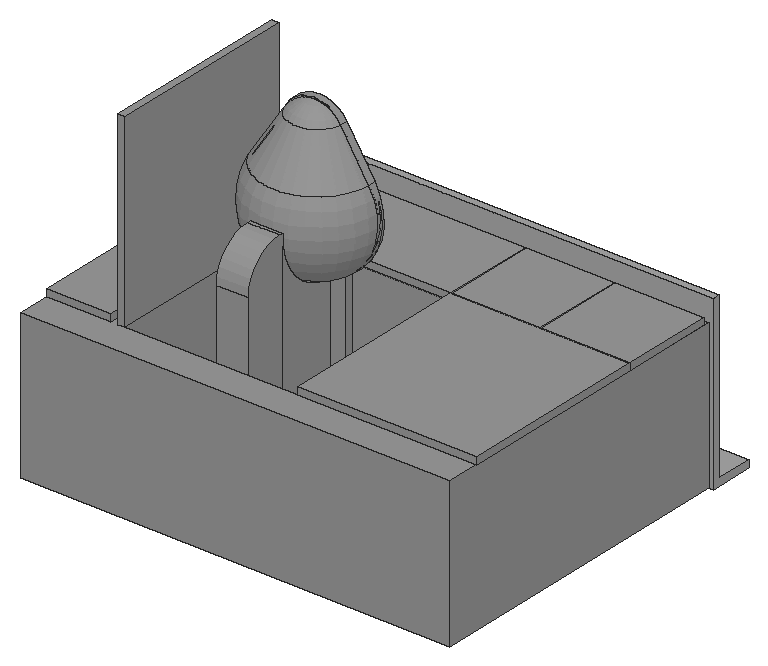
Revit family "Modular_Patient_Care_Unit-Willoughby-Patient_Care_Unit-WH-1700-L-SWO", category Plumbing Fixtures, Revit 2015
Parameters (values of type "Left-Wall Outlet")
  Waste RAD [instance] = Waste DIA / 2  # 1 1/4"
  Waste DIA [instance] = 2 1/2"
  Waste Connection = yes
  Vent Connection = no
  URL = "https://www.willoughby-ind.com/wp-content/uploads/2018/01/WH-1700.pdf"
  Type Comments = ""
  Stainless Steel = Stainless Steel AISI 304-Willoughby
  Solid Polymer Finish = Polyethylene, High Density
  Revision = "A"
  Model = "WH-1700-L-SWO"
  Manufacturer = "Willoughby Industries"
  Lav Inlets RAD [instance] = Lav Inlets DIA / 2  # 1/4"
  Lav Inlets DIA [instance] = 1/2"
  Lav Drain DIA [instance] = 1"
  Lav DR-RAD [instance] = Lav Drain DIA / 2  # 1/2"
  HW Connection = yes
  Flush inlet RAD [instance] = Flush inlet DIA / 2  # 1/2"
  Flush inlet DIA [instance] = 1"
  Flush Inlet Connection = yes
  Dialysis Drain DIA [instance] = 1 1/2"
  Dialysis Box Inlets DIA [instance] = 1/2"
  Description = "Left Wall Outlet Patient Care Unit"
  Default Elevation = 0' - 0"
  DB-RAD [instance] = Dialysis Box Inlets DIA / 2  # 1/4"
  D-Drain RAD [instance] = Dialysis Drain DIA / 2  # 3/4"
  Contact Number = "(800) 428-4065"
  CW Connection = yes
  Bed Pan Inlet RAD [instance] = Bed Pan Inlet DIA / 2  # 1/4"
  Bed Pan Inlet DIA [instance] = 1/2"
  Aquasurf Solid Surface = Solid Surface Acrylic Resin-Willoughby
Reference planes (in)
  plane 1 "Base": y = -16.25
  plane 2: z = 0
  plane 3 "Center": x = 18.31072
  plane 4: y = 23.75
  plane 5: z = 36.625
  plane 6: y = 0.75
  plane 7 "Waste": y = -11
  plane 8 "D-HGT": y = 17.5
  plane 9 "Flush Inlet": y = 10.25
  plane 10 "D-Drain HT": y = 4.875
  plane 11 "Bed Pan Inlet": y = 13.25
  plane 12: y = 9.25
  plane 13: y = 7
  plane 14: x = 24.49822
  plane 15: x = 20.49822
  plane 16: x = 14.74822
  plane 17: x = 42.68572
  plane 18: x = 39.81072
  plane 19: x = 36.31072
  plane 20: x = -1.18928
  plane 21: x = 46.56072
  plane 22 "Center Line": x = 23.56072
  plane 23: x = 27.06072
  plane 24: x = 4.81072
Forms (in)
  Extrusion 1, solid, material "Stainless Steel AISI 304-Willoughby" <- "Stainless Steel"
    sketch origin (16.08109, 9.45936, 3.7328) x (-1, 0, 0) y (0, 0, -1)
      loop
        line (1.29775, -16.80087) -> (1.29775, 0.9078) -> (-5.72963, 0.9078) -> (-5.72963, -16.81676)
        arc (-5.72963, -16.81676) -> (-8.98136, -21.11843) -> (-8.21015, -26.45542) r 7
        line (-8.21015, -26.45542) -> (-5.16818, -31.31054)
        arc (-5.16818, -31.31054) -> (-2.20225, -32.95225) -> (0.76368, -31.31054) r 3.5
        line (0.76368, -31.31054) -> (3.80565, -26.45542)
        arc (3.80565, -26.45542) -> (4.5729, -21.10311) -> (1.29775, -16.80087) r 7
      loop
        arc (2.03989, -24.70557) -> (-2.20225, -18.23804) -> (-6.44438, -24.70557) r 4.625
        line (-6.44438, -24.70557) -> (-4.04125, -30.23842)
        arc (-4.04125, -30.23842) -> (-2.20225, -31.45225) -> (-0.36324, -30.23842) r 2
        line (-0.36324, -30.23842) -> (2.03989, -24.70557)
    from 8.72968 to 9.5
  Revolve 2, solid, material "Stainless Steel AISI 304-Willoughby" <- "Stainless Steel"
    sketch origin (19.37246, 0.45936, 6.93674) x (-1, 0, 0) y (0, 0, -1)
      loop
        line (1.06174, -12.59906) -> (1.06174, -12.84906)
        arc (1.06174, -12.84906) -> (6.96784, -16.33096) -> (6.78077, -23.18447) r 6.75
        line (6.78077, -23.18447) -> (3.81535, -27.91457)
        arc (3.81535, -27.91457) -> (2.63527, -29.03194) -> (1.06174, -29.43826) r 3.25
        line (1.06174, -29.43826) -> (1.06174, -29.68826)
        arc (1.06174, -29.68826) -> (2.75672, -29.25045) -> (4.02767, -28.04656) r 3.5
        line (4.02767, -28.04656) -> (7.06964, -23.19143)
        arc (7.06964, -23.19143) -> (7.15052, -16.14555) -> (1.06174, -12.59906) r 7
      axis (1.06174, -12.59906) -> (1.06174, -29.68826)
    angle from 0 to -180
  Extrusion 3, solid, material "Stainless Steel AISI 304-Willoughby" <- "Stainless Steel"
    sketch origin (19.53334, -1.02032, 5.9242) x (0, 1, 0) y (0, 0, 1)
      loop
        line (-5.48285, -3.0992) -> (0.97968, -3.0992) -> (0.97968, 13.76202)
        arc (0.97968, 13.76202) -> (-3.33475, 15.6078) -> (-5.48285, 19.77995) r 6.92744
        line (-5.48285, 19.77995) -> (-5.48285, -3.0992)
    from 0.52738 to -2.97262
  Extrusion 4, solid, material "Stainless Steel AISI 304-Willoughby" <- "Stainless Steel"
    sketch origin (17.03334, 29.33792, 6.56919) x (0, 1, 0) y (0, 0, 1)
      loop
        line (-35.84109, -3.74419) -> (-35.84109, 20.30581) -> (-36.18717, 20.30581)
        arc (-36.18717, 20.30581) -> (-39.21058, 19.05347) -> (-40.46292, 16.03006) r 4.27575
        line (-40.46292, 16.03006) -> (-40.46292, -3.74419) -> (-35.84109, -3.74419)
    from -0.47262 to 3.02738
  Extrusion 5, solid, material "Solid Surface Acrylic Resin-Willoughby" <- "Aquasurf Solid Surface"
    sketch origin (36.62144, -16.25, 0) x (-1, 0, 0) y (0, 0, -1)
      loop
        line (37.81072, -0.825) -> (37.81072, 0) -> (-9.93928, 0) -> (-9.93928, -0.825) -> (37.81072, -0.825)
    from -40 to -35.25
  Extrusion 6, solid, material "Solid Surface Acrylic Resin-Willoughby" <- "Aquasurf Solid Surface"
    sketch origin (0, -16.25, 0) x (1, 0, 0) y (0, 0, 1)
      loop
        line (-1.18928, 0) -> (46.56072, 0) -> (46.56072, 18.625) -> (-1.18928, 18.625) -> (-1.18928, 0)
    from -36 to -35.25
  Extrusion 7, solid, material "Stainless Steel AISI 304-Willoughby" <- "Stainless Steel"
    sketch origin (36.62144, -16.25, 0) x (-1, 0, 0) y (0, 0, -1)
      loop
        line (37.31072, 0) -> (-9.43928, 0) -> (-9.43928, -16.125) -> (37.31072, -16.125) -> (37.31072, 0)
    from -35.25 to 0
  Extrusion 8, void, detail levels fine
    sketch origin (36.62144, -16.25, 0) x (-1, 0, 0) y (0, 0, -1)
      loop
        line (29.56072, -16.125) -> (29.56072, -2.825) -> (-7.43928, -2.825) -> (-7.43928, -16.125) -> (29.56072, -16.125)
    from -3.625 to -24.5
  Extrusion 9, solid, material "Polyethylene, High Density" <- "Solid Polymer Finish"
    sketch origin (36.62144, -16.25, 0) x (-1, 0, 0) y (0, 0, -1)
      loop
        line (9.99822, -16.125) -> (-9.43928, -16.125) -> (-9.43928, -16.875) -> (9.99822, -16.875) -> (9.99822, -16.125)
    from -3.625 to -24.5
  Extrusion 10, solid, material "Polyethylene, High Density" <- "Solid Polymer Finish"
    sketch origin (36.62144, 4.625, 0) x (-1, 0, 0) y (0, 0, -1)
      loop
        line (0.31072, -16.125) -> (-9.43928, -16.125) -> (-9.43928, -16.875) -> (0.31072, -16.875) -> (0.31072, -16.125)
    from -3.625 to -13.75
  Extrusion 11, solid, material "Polyethylene, High Density" <- "Solid Polymer Finish"
    sketch origin (9.71531, 4.625, 0) x (-1, 0, 0) y (0, 0, -1)
      loop
        line (3.4046, -16.125) -> (-16.9079, -16.125) -> (-16.9079, -16.875) -> (3.4046, -16.875) -> (3.4046, -16.125)
    from -3.625 to -13.75
  Extrusion 12, solid, material "Polyethylene, High Density" <- "Solid Polymer Finish"
    sketch origin (23.43419, 4.625, 0) x (-1, 0, 0) y (0, 0, -1)
      loop
        line (-3.18903, -16.125) -> (-12.87653, -16.125) -> (-12.87653, -16.875) -> (-3.18903, -16.875) -> (-3.18903, -16.125)
    from -3.625 to -13.75
  Extrusion 13, solid, material "Polyethylene, High Density" <- "Solid Polymer Finish"
    sketch origin (23.93572, -16.25, 26.12322) x (0, 0, -1) y (1, 0, 0)
      loop
        line (9.99822, -16.125) -> (-10.50178, -16.125) -> (-10.50178, -16.875) -> (9.99822, -16.875) -> (9.99822, -16.125)
    from -3.625 to -24.5
  Extrusion 14, void, detail levels fine
    sketch origin (34.18394, 19.75, 0.4565) x (-1, 0, 0) y (0, 0, -1)
      loop
        arc (5.56072, -14.67585) -> (6.97493, -14.09007) -> (7.56072, -12.67585) r 2
        line (7.56072, -12.67585) -> (7.56072, -5.30085)
        arc (7.56072, -5.30085) -> (6.97493, -3.88664) -> (5.56072, -3.30085) r 2
        line (5.56072, -3.30085) -> (-4.68928, -3.30085)
        arc (-4.68928, -3.30085) -> (-6.10349, -3.88664) -> (-6.68928, -5.30085) r 2
        line (-6.68928, -5.30085) -> (-6.68928, -12.67585)
        arc (-6.68928, -12.67585) -> (-6.10349, -14.09007) -> (-4.68928, -14.67585) r 2
        line (-4.68928, -14.67585) -> (5.56072, -14.67585)
    from 0 to 8
  Extrusion 15, solid, material "Stainless Steel AISI 304-Willoughby" <- "Stainless Steel"
    sketch origin (36.62144, 0, 0) x (-1, 0, 0) y (0, -1, 0)
      loop
        circle (18.31072, 11) r 1.25
    from 0 to 2.825
  Extrusion 16, solid, material "Stainless Steel AISI 304-Willoughby" <- "Stainless Steel"
    sketch origin (38.20446, 1.46689, 0) x (-1, 0, 0) y (0, -1, 0)
      loop
        circle (13.70624, -16.03311) r 0.25
    from 0 to 0.486
  Extrusion 17, solid, material "Stainless Steel AISI 304-Willoughby" <- "Stainless Steel"
    sketch origin (33.77303, 1.29431, 0) x (-1, 0, 0) y (0, -1, 0)
      loop
        circle (13.27481, -16.20569) r 0.25
    from 0 to 0.486
  Extrusion 18, solid, material "Stainless Steel AISI 304-Willoughby" <- "Stainless Steel"
    sketch origin (37.05894, 0, 0) x (-1, 0, 0) y (0, -1, 0)
      loop
        circle (9.99822, -10.25) r 0.5
    from 0 to 1
  Extrusion 19, solid, material "Stainless Steel AISI 304-Willoughby" <- "Stainless Steel"
    sketch origin (36.99644, 0, 0) x (-1, 0, 0) y (0, -1, 0)
      loop
        circle (22.24822, -4.875) r 0.75
    from 0 to 1
  Extrusion 20, solid, material "Stainless Steel AISI 304-Willoughby" <- "Stainless Steel"
    sketch origin (36.99644, 0, 0) x (-1, 0, 0) y (0, -1, 0)
      loop
        circle (-5.68928, -9.25) r 0.25
    from 0 to 1
  Extrusion 21, solid, material "Stainless Steel AISI 304-Willoughby" <- "Stainless Steel"
    sketch origin (36.99644, 0, 0) x (-1, 0, 0) y (0, -1, 0)
      loop
        circle (-2.81428, -9.25) r 0.25
    from 0 to 1
  Extrusion 22, solid, material "Stainless Steel AISI 304-Willoughby" <- "Stainless Steel"
    sketch origin (36.99644, 0, 0) x (-1, 0, 0) y (0, -1, 0)
      loop
        circle (0.68572, -7) r 0.5
    from 0 to 1
  Extrusion 23, solid, material "Polyethylene, High Density" <- "Solid Polymer Finish"
    sketch origin (10.15956, -16.25, 0.35333) x (-1, 0, 0) y (0, 0, -1)
      loop
        line (10.84884, -15.77167) -> (3.84884, -15.77167) -> (3.84884, -16.52167) -> (10.84884, -16.52167) -> (10.84884, -15.77167)
    from -3.625 to -34.625
  Extrusion 24, solid, material "Stainless Steel AISI 304-Willoughby" <- "Stainless Steel"
    sketch origin (27.05894, 8.375, 0) x (-1, 0, 0) y (0, -1, 0)
      loop
        circle (22.24822, -4.875) r 0.25
    from 0 to 1
Cuts and joins
  Extrusion 8 cuts Extrusion 9
  Extrusion 8 cuts Extrusion 10
  Extrusion 8 cuts Extrusion 11
  Extrusion 8 cuts Extrusion 12
  Extrusion 8 cuts Extrusion 13
  Extrusion 8 cuts Extrusion 15
  Extrusion 14 cuts Extrusion 6
  joined: Extrusion 5, Extrusion 6
  Extrusion 8, Extrusion 14 cuts Extrusion 7
Lines and regions (in)
  symbolic lines
    curve 1: line (46.06072, 19, 0) -> (46.06072, -16.25, 0)
    curve 2: line (46.06072, -16.25, 0) -> (-0.68928, -16.25, 0)
    curve 3: line (-0.68928, -16.25, 0) -> (-0.68928, 19, 0)
    curve 4: line (-1.18928, 19, 0) -> (46.56072, 19, 0)
    curve 5: line (46.56072, 19, 0) -> (46.56072, 23.75, 0)
    curve 6: line (46.56072, 23.75, 0) -> (-1.18928, 23.75, 0)
    curve 7: line (-1.18928, 23.75, 0) -> (-1.18928, 19, 0)
    curve 8: line (-1.18928, 19.75, 0) -> (46.56072, 19.75, 0)
    curve 9: line (-0.68928, 18.375, 0) -> (46.06072, 18.375, 0)
    curve 14: line (46.06072, -12.625, 0) -> (7.06072, -12.625, 0)
    curve 20: line (11.28334, 0.72968, 0) -> (25.28334, 0.72968, 0)
    curve 21: line (25.28334, 0.72968, 0) -> (25.28334, -0.04064, 0)
    curve 22: line (11.28334, 0.72968, 0) -> (11.28334, -0.04064, 0)
    curve 23: line (11.28334, -0.04064, 0) -> (25.28334, -0.04064, 0)
    curve 24: line (11.28334, 0.45936, 0) -> (25.28334, 0.45936, 0)
    curve 25: arc (11.28334, -0.04064, 0) -> (13.52203, -4.65834, 0) -> (18.31072, -6.50317, 0) r 6.99071
    curve 26: arc (18.31072, -6.50317, 0) -> (23.08332, -4.65973, 0) -> (25.28334, -0.04064, 0) r 6.91665
    curve 27: line (16.56072, -6.29521, 0) -> (16.56072, -11.125, 0)
    curve 28: line (16.56072, -11.125, 0) -> (20.06072, -11.125, 0)
    curve 29: line (20.06072, -11.125, 0) -> (20.06072, -6.29662, 0)
    curve 30: line (-1.18928, -16.25, 0) -> (46.56072, -16.25, 0)
    curve 31: line (46.56072, -16.25, 0) -> (46.56072, -16.25, 18.625)
    curve 32: line (46.56072, -16.25, 18.625) -> (-1.18928, -16.25, 18.625)
    curve 33: line (-1.18928, -16.25, 18.625) -> (-1.18928, -16.25, 0)
    curve 34: line (-1.18928, -16.25, 0.825) -> (46.56072, -16.25, 0.825)
    curve 60: line (18.31072, -16.25, 0) -> (18.31072, 19, 0)
    curve 61: line (18.31072, 19, 0) -> (18.31072, 19, 16.125)
    curve 62: line (18.31072, 19, 16.125) -> (18.31072, -16.25, 16.125)
    curve 63: line (18.31072, -16.25, 16.125) -> (18.31072, -16.25, 0)
  symbolic lines, detail levels medium+fine
    curve 10: line (-0.68928, -12.625, 0) -> (6.31072, -12.625, 0)
    curve 11: line (6.31072, -12.625, 0) -> (6.31072, 18.375, 0)
    curve 12: line (6.31072, 8.25, 0) -> (46.06072, 8.25, 0)
    curve 13: line (44.06072, 8.25, 0) -> (44.06072, -12.625, 0)
    curve 15: line (7.06072, -12.625, 0) -> (7.06072, 8.25, 0)
    curve 16: line (7.81072, 8.25, 0) -> (7.81072, -12.625, 0)
    curve 17: line (26.62322, 8.25, 0) -> (26.62322, -12.625, 0)
    curve 18: line (36.31072, 8.25, 0) -> (36.31072, 18.375, 0)
    curve 19: line (26.62322, 8.25, 0) -> (26.62322, 18.375, 0)
    curve 35: line (7.81072, -16.25, 36.625) -> (7.81072, -16.25, 18.625)
    curve 36: line (7.81072, -16.25, 36.625) -> (7.06072, -16.25, 36.625)
    curve 37: line (7.06072, -16.25, 36.625) -> (7.06072, -16.25, 18.625)
    curve 38: line (14.78334, -16.25, 18.625) -> (14.78334, -16.25, 20.53367)
    curve 39: line (21.81072, -16.25, 18.625) -> (21.81072, -16.25, 20.54956)
    curve 40: arc (21.81072, -16.25, 20.54956) -> (25.08834, -16.25, 24.84457) -> (24.29124, -16.25, 30.18822) r 6.93761
    curve 41: line (24.29124, -16.25, 30.18822) -> (21.24927, -16.25, 35.04335)
    curve 42: arc (21.24927, -16.25, 35.04335) -> (19.98923, -16.25, 36.22292) -> (18.31072, -16.25, 36.625) r 3.37397
    curve 43: arc (18.31072, -16.25, 36.625) -> (16.62783, -16.25, 36.18663) -> (15.31741, -16.25, 35.04335) r 3.79331
    curve 44: line (15.31741, -16.25, 35.04335) -> (12.35249, -16.25, 30.31405)
    curve 45: arc (12.35249, -16.25, 30.31405) -> (11.49002, -16.25, 24.90741) -> (14.78334, -16.25, 20.53367) r 7
    curve 46: arc (14.78334, -16.25, 20.53367) -> (18.28334, -16.25, 19.45342) -> (21.78334, -16.25, 20.53367) r 6.21011
    curve 64: line (18.31072, 18.375, 16.125) -> (18.31072, 18.375, 16.875)
    curve 65: line (18.31072, 18.375, 16.875) -> (18.31072, -12.625, 16.875)
    curve 66: line (18.31072, -12.625, 16.875) -> (18.31072, -12.625, 16.125)
    curve 70: line (18.31072, 19, 0) -> (18.31072, 23.75, 0)
    curve 71: line (18.31072, 23.75, 0) -> (18.31072, 23.75, 0.825)
    curve 72: line (18.31072, 23.75, 0.825) -> (18.31072, 19.75, 0.825)
    curve 73: line (18.31072, 19.75, 0.825) -> (18.31072, 19.75, 18.625)
    curve 74: line (18.31072, 19.75, 18.625) -> (18.31072, 19, 18.625)
    curve 75: line (18.31072, 19, 18.625) -> (18.31072, 19, 16.125)
  symbolic lines, detail levels fine
    curve 47: arc (20.11778, -16.25, 33.98181) -> (19.38026, -16.25, 34.8574) -> (18.28334, -16.25, 35.18505) r 2
    curve 48: arc (18.28334, -16.25, 35.18505) -> (17.1816, -16.25, 34.85423) -> (16.44433, -16.25, 33.97122) r 2
    curve 49: line (16.44433, -16.25, 33.97122) -> (14.0412, -16.25, 28.43837)
    curve 50: arc (14.0412, -16.25, 28.43837) -> (18.28332, -16.25, 21.97085) -> (22.52548, -16.25, 28.43835) r 4.625
    curve 51: line (22.52548, -16.25, 28.43835) -> (20.11778, -16.25, 33.98181)
    curve 52: line (38.87322, -16.25, 15.13236) -> (28.62322, -16.25, 15.13236)
    curve 53: line (26.62322, -16.25, 13.13236) -> (26.62322, -16.25, 5.75736)
    curve 54: line (28.62322, -16.25, 3.75736) -> (38.87322, -16.25, 3.75736)
    curve 55: line (40.87322, -16.25, 5.75736) -> (40.87322, -16.25, 13.13236)
    curve 56: arc (40.87322, -16.25, 13.13236) -> (40.28743, -16.25, 14.54657) -> (38.87322, -16.25, 15.13236) r 2
    curve 57: arc (28.62322, -16.25, 15.13236) -> (27.20901, -16.25, 14.54657) -> (26.62322, -16.25, 13.13236) r 2
    curve 58: arc (26.62322, -16.25, 5.75736) -> (27.20901, -16.25, 4.34314) -> (28.62322, -16.25, 3.75736) r 2
    curve 59: arc (38.87322, -16.25, 3.75736) -> (40.28743, -16.25, 4.34314) -> (40.87322, -16.25, 5.75736) r 2
    curve 67: line (18.31072, 8.25, 16.875) -> (18.31072, 8.25, 36.625)
    curve 68: line (18.31072, 8.25, 36.625) -> (18.31072, -12.625, 36.625)
    curve 69: line (18.31072, -12.625, 36.625) -> (18.31072, -12.625, 16.875)
Dimensions and locks (in)
  locked: plane 1 "Base" to plane 7 "Waste" at 5.25
  locked: plane 1 "Base" to plane 9 "Flush Inlet" at 26.5
  locked: plane 1 "Base" to plane 10 "D-Drain HT" at 21.125
  locked: plane 1 "Base" to plane 12 at 25.5
  locked: plane 1 "Base" to plane 13 at 23.25
  locked: level to cut or joined group of Extrusion 5, Extrusion 6, Extrusion 14 at 18.625
  locked: plane 4 to plane 1 "Base" at 40
  locked: plane 20 to plane 21 at 47.75
  locked: plane 22 "Center Line" to plane 19 at 12.75
  locked: plane 1 "Base" to plane 8 "D-HGT" at 33.75
  locked: plane 24 to plane 22 "Center Line" at 18.75
  locked: plane 1 "Base" to plane 11 "Bed Pan Inlet" at 29.5
  locked: plane 16 to plane 22 "Center Line" at 8.8125
  locked: plane 15 to plane 22 "Center Line" at 3.0625
  locked: plane 22 "Center Line" to plane 14 at 0.9375
  locked: plane 22 "Center Line" to plane 23 at 3.5
  locked: plane 3 "Center" to plane 22 "Center Line" at 5.25
  locked: plane 22 "Center Line" to plane 18 at 16.25
  locked: plane 22 "Center Line" to plane 17 at 19.125
  locked: plane 20 to plane 22 "Center Line" at 24.75
  locked: plane 22 "Center Line" to plane 21 at 23
  locked: plane 1 "Base" to plane 4 at 40
  locked: level to cut or joined group of Extrusion 7, Extrusion 8, Extrusion 14 at 16.125
  cut or joined group of Extrusion 7, Extrusion 8, Extrusion 14 to plane 22 "Center Line" to cut or joined group of Extrusion 7, Extrusion 8, Extrusion 14 = 2' - 0 1/4" locked, 1' - 10 1/2" locked
  locked: plane 22 "Center Line" to plane 20 at 24.75
  locked: cut or joined group of Extrusion 7, Extrusion 8, Extrusion 14 to cut or joined group of Extrusion 7, Extrusion 8, Extrusion 14 at 37
  locked: cut or joined group of Extrusion 5, Extrusion 6, Extrusion 14 to cut or joined group of Extrusion 7, Extrusion 8, Extrusion 14 at 2.5
  locked: cut or joined group of Extrusion 7, Extrusion 8, Extrusion 14 to cut or joined group of Extrusion 7, Extrusion 8, Extrusion 14 at 13.3
  locked: cut or joined group of Extrusion 7, Extrusion 8, Extrusion 14 to cut or joined group of Extrusion 7, Extrusion 8, Extrusion 14 at 2
  locked: cut or joined group of Extrusion 5, Extrusion 6, Extrusion 14 to cut or joined group of Extrusion 5, Extrusion 6, Extrusion 14 at 11.375
  locked: cut or joined group of Extrusion 5, Extrusion 6, Extrusion 14 to cut or joined group of Extrusion 5, Extrusion 6, Extrusion 14 at 14.25
  locked: cut or joined group of Extrusion 7, Extrusion 8, Extrusion 14 to cut or joined group of Extrusion 5, Extrusion 6, Extrusion 14 at 5.1875
  locked: cut or joined group of Extrusion 5, Extrusion 6, Extrusion 14 to cut or joined group of Extrusion 5, Extrusion 6, Extrusion 14 at 3.49264
  locked: cut or joined group of Extrusion 8, Extrusion 13 to cut or joined group of Extrusion 8, Extrusion 13 at 0.75
  Extrusion 1 sketch curve to Extrusion 1 sketch curve = 0' - 7.02738"
  Extrusion 1 sketch curve to Extrusion 1 sketch curve = 0' - 6.5892"
  locked: level to Extrusion 1 sketch curve at 26.59585
  locked: Extrusion 1 sketch curve to Extrusion 1 sketch curve at 6.5892
  locked: Extrusion 3 to Extrusion 4 sketch curve at 4.62183
  locked: Extrusion 1 to Extrusion 4 at 6.46253
  locked: Extrusion 3 sketch curve to level at 25.70414
  locked: cut or joined group of Extrusion 7, Extrusion 8, Extrusion 14 to cut or joined group of Extrusion 8, Extrusion 12 at 0.75
  locked: cut or joined group of Extrusion 8, Extrusion 12 to cut or joined group of Extrusion 8, Extrusion 12 at 9.6875
  locked: Extrusion 23 sketch curve to cut or joined group of Extrusion 7, Extrusion 8, Extrusion 14 at 0.75
  locked: Extrusion 23 sketch curve to Extrusion 23 sketch curve at 7
  locked: Extrusion 11 sketch curve to Extrusion 11 sketch curve at 0.75
  locked: Extrusion 10 sketch curve to Extrusion 10 sketch curve at 0.75
  locked: Extrusion 10 sketch curve to Extrusion 10 sketch curve at 9.75
  locked: cut or joined group of Extrusion 5, Extrusion 6, Extrusion 14 to plane 22 "Center Line" at 23
  locked: cut or joined group of Extrusion 5, Extrusion 6, Extrusion 14 to plane 22 "Center Line" at 24.75  (x2)
  locked: cut or joined group of Extrusion 5, Extrusion 6, Extrusion 14 to cut or joined group of Extrusion 5, Extrusion 6, Extrusion 14 at 47.75
  radius of cut or joined group of Extrusion 5, Extrusion 6, Extrusion 14 = 0' - 2"  (x4)
  radius of Extrusion 1 sketch curve = 0' - 4 5/8"
  radius of Extrusion 1 sketch curve = 0' - 7"
  radius of Extrusion 1 sketch curve = 0' - 2"
  radius of Extrusion 1 sketch curve = 0' - 3 1/2"
  radius of Extrusion 4 sketch curve = 0' - 4.27575"
  radius of Extrusion 3 sketch curve = 0' - 6.92744"
  radius of Revolve 2 sketch curve = 0' - 3 1/4"
  radius of Extrusion 1 = 0' - 3 1/2"
  radius of Extrusion 1 = 0' - 7"
  locked: Extrusion 1 sketch curve to Extrusion 1 sketch curve (angle 46.9544°)
  aligned and locked: cut or joined group of Extrusion 5, Extrusion 6, Extrusion 14 to plane 21  (x5)
  aligned: Extrusion 9 to Extrusion 8
  aligned and locked: cut or joined group of Extrusion 5, Extrusion 6, Extrusion 14 to plane 20  (x3)
  aligned and locked: Extrusion 7 to Extrusion 23
  aligned and locked: plane 5 to cut or joined group of Extrusion 8, Extrusion 13
  aligned and locked: plane 1 "Base" to cut or joined group of Extrusion 7, Extrusion 8, Extrusion 14
  aligned and locked: cut or joined group of Extrusion 5, Extrusion 6, Extrusion 14 to cut or joined group of Extrusion 5, Extrusion 6, Extrusion 14  (x5)
  aligned and locked: cut or joined group of Extrusion 8, Extrusion 13 to Extrusion 23
  aligned and locked: plane 8 "D-HGT" to Extrusion 16 sketch curve
  aligned and locked: plane 14 to Extrusion 16 sketch curve
  aligned and locked: cut or joined group of Extrusion 5, Extrusion 6, Extrusion 14 to level
  aligned and locked: cut or joined group of Extrusion 7, Extrusion 8, Extrusion 14 to cut or joined group of Extrusion 5, Extrusion 6, Extrusion 14  (x4)
  aligned and locked: cut or joined group of Extrusion 8, Extrusion 13 to plane 5
  aligned and locked: cut or joined group of Extrusion 8, Extrusion 13 to cut or joined group of Extrusion 8, Extrusion 13  (x2)
  aligned and locked: plane 20 to cut or joined group of Extrusion 5, Extrusion 6, Extrusion 14
  aligned and locked: plane 21 to cut or joined group of Extrusion 5, Extrusion 6, Extrusion 14
  aligned and locked: plane 4 to cut or joined group of Extrusion 5, Extrusion 6, Extrusion 14
  aligned and locked: level to Extrusion 7 sketch curve
  aligned and locked: plane 2 to Extrusion 7 sketch curve
  aligned and locked: Extrusion 8 sketch curve to cut or joined group of Extrusion 7, Extrusion 8, Extrusion 14
  aligned and locked: cut or joined group of Extrusion 7, Extrusion 8, Extrusion 14 to Extrusion 13 sketch curve  (x3)
  aligned and locked: plane 5 to Extrusion 13 sketch curve  (x3)
  aligned and locked: Extrusion 13 sketch curve to cut or joined group of Extrusion 7, Extrusion 8, Extrusion 14
  aligned and locked: Extrusion 1 sketch curve to cut or joined group of Extrusion 7, Extrusion 8, Extrusion 14
  aligned and locked: Extrusion 3 to Extrusion 4 sketch curve
  aligned and locked: Extrusion 4 sketch curve to cut or joined group of Extrusion 7, Extrusion 8, Extrusion 14
  aligned and locked: Extrusion 3 sketch curve to Extrusion 1
  aligned and locked: Extrusion 3 sketch curve to cut or joined group of Extrusion 7, Extrusion 8, Extrusion 14
  aligned and locked: Extrusion 12 sketch curve to cut or joined group of Extrusion 7, Extrusion 8, Extrusion 14
  aligned and locked: Extrusion 12 sketch curve to cut or joined group of Extrusion 8, Extrusion 10
  aligned and locked: Extrusion 12 sketch curve to cut or joined group of Extrusion 8, Extrusion 9
  aligned and locked: Extrusion 23 sketch curve to Extrusion 23 sketch curve
  aligned and locked: cut or joined group of Extrusion 7, Extrusion 8, Extrusion 14 to Extrusion 23 sketch curve
  aligned and locked: Extrusion 11 sketch curve to cut or joined group of Extrusion 8, Extrusion 9
  aligned and locked: Extrusion 11 sketch curve to Extrusion 23
  aligned and locked: cut or joined group of Extrusion 7, Extrusion 8, Extrusion 14 to Extrusion 11 sketch curve
  aligned and locked: cut or joined group of Extrusion 7, Extrusion 8, Extrusion 14 to Extrusion 10 sketch curve
  aligned and locked: Extrusion 10 sketch curve to cut or joined group of Extrusion 7, Extrusion 8, Extrusion 14
  aligned and locked: Extrusion 5 sketch curve to cut or joined group of Extrusion 5, Extrusion 6, Extrusion 14  (x2)
  aligned and locked: Extrusion 6 sketch curve to plane 20
  aligned and locked: Extrusion 6 sketch curve to plane 21
  aligned and locked: Extrusion 6 sketch curve to plane 2
Connectors (in)
  piping at (18.31072, -11, 0), diameter 2.5, driven by "Waste RAD", driven by "Waste Connection"
    settings: on Extrusion 15, index 10, connector inside diameter 2 1/2", connector length 0' - 0", flow factor 0, pipe flow 0 GPM, pressure drop 0.00 psi, fitting loss kfactor 0, connector angle 0.00°, fixture units 0, engagement length 0' - 0", angle of deflection 0.00°, flow configuration 0, flow direction 2, fitting loss method 0, system type 16, joint type 0, gender type 0, connector reference index -1, connector utility 1, adjustable connector no, is connector primary yes, connector description "Waste"
  piping at (20.49822, 17.5, 0), diameter 0.5, driven by "DB-RAD", driven by "HW Connection"
    settings: on Extrusion 17, index 11, connector inside diameter 1/2", connector length 0' - 0", flow factor 0, pipe flow 0 GPM, pressure drop 0.00 psi, fitting loss kfactor 0, connector angle 0.00°, fixture units 0, engagement length 0' - 0", angle of deflection 0.00°, flow configuration 0, flow direction 1, fitting loss method 0, system type 19, joint type 0, gender type 0, connector reference index -1, connector utility 1, adjustable connector no, is connector primary no, connector description "Dialysis Hot"
  piping at (24.49822, 17.5, 0), diameter 0.5, driven by "DB-RAD", driven by "CW Connection"
    settings: on Extrusion 16, index 12, connector inside diameter 1/2", connector length 0' - 0", flow factor 0, pipe flow 0 GPM, pressure drop 0.00 psi, fitting loss kfactor 0, connector angle 0.00°, fixture units 0, engagement length 0' - 0", angle of deflection 0.00°, flow configuration 0, flow direction 1, fitting loss method 0, system type 20, joint type 0, gender type 0, connector reference index -1, connector utility 1, adjustable connector no, is connector primary no, connector description "Dialysis Cold"
  piping at (27.06072, 10.25, 0), diameter 1, driven by "Flush inlet RAD", driven by "Flush Inlet Connection"
    settings: on Extrusion 18, index 13, connector inside diameter 1", connector length 0' - 0", flow factor 0, pipe flow 0 GPM, pressure drop 0.00 psi, fitting loss kfactor 0, connector angle 0.00°, fixture units 0, engagement length 0' - 0", angle of deflection 0.00°, flow configuration 0, flow direction 1, fitting loss method 0, system type 20, joint type 0, gender type 0, connector reference index -1, connector utility 1, adjustable connector no, is connector primary no, connector description "Flush Inlet"
  piping at (14.74822, 4.875, 0), diameter 1.5, driven by "D-Drain RAD", driven by "Waste Connection"
    settings: on Extrusion 19, index 14, connector inside diameter 1 1/2", connector length 0' - 0", flow factor 0, pipe flow 0 GPM, pressure drop 0.00 psi, fitting loss kfactor 0, connector angle 0.00°, fixture units 0, engagement length 0' - 0", angle of deflection 0.00°, flow configuration 0, flow direction 2, fitting loss method 0, system type 16, joint type 0, gender type 0, connector reference index -1, connector utility 1, adjustable connector no, is connector primary no, connector description "Dialysis Drain"
  piping at (42.68572, 9.25, 0), diameter 0.5, driven by "Lav Inlets RAD", driven by "CW Connection"
    settings: on Extrusion 20, index 16, connector inside diameter 1/2", connector length 0' - 0", flow factor 0, pipe flow 0 GPM, pressure drop 0.00 psi, fitting loss kfactor 0, connector angle 0.00°, fixture units 0, engagement length 0' - 0", angle of deflection 0.00°, flow configuration 0, flow direction 1, fitting loss method 0, system type 20, joint type 0, gender type 0, connector reference index -1, connector utility 1, adjustable connector no, is connector primary no, connector description "Lav Cold"
  piping at (39.81072, 9.25, 0), diameter 0.5, driven by "Lav Inlets RAD", driven by "HW Connection"
    settings: on Extrusion 21, index 17, connector inside diameter 1/2", connector length 0' - 0", flow factor 0, pipe flow 0 GPM, pressure drop 0.00 psi, fitting loss kfactor 0, connector angle 0.00°, fixture units 0, engagement length 0' - 0", angle of deflection 0.00°, flow configuration 0, flow direction 1, fitting loss method 0, system type 19, joint type 0, gender type 0, connector reference index -1, connector utility 1, adjustable connector no, is connector primary no, connector description "Lav Hot"
  piping at (36.31072, 7, 0), diameter 1, driven by "Lav DR-RAD", driven by "Waste Connection"
    settings: on Extrusion 22, index 18, connector inside diameter 1", connector length 0' - 0", flow factor 0, pipe flow 0 GPM, pressure drop 0.00 psi, fitting loss kfactor 0, connector angle 0.00°, fixture units 0, engagement length 0' - 0", angle of deflection 0.00°, flow configuration 0, flow direction 2, fitting loss method 0, system type 16, joint type 0, gender type 0, connector reference index -1, connector utility 1, adjustable connector no, is connector primary no, connector description "Lav Drain"
  piping at (4.81072, 13.25, 1), diameter 0.5, driven by "Bed Pan Inlet RAD", driven by "CW Connection"
    settings: on Extrusion 24, index 19, connector inside diameter 1/2", connector length 0' - 0", flow factor 0, pipe flow 0 GPM, pressure drop 0.00 psi, fitting loss kfactor 0, connector angle 0.00°, fixture units 0, engagement length 0' - 0", angle of deflection 0.00°, flow configuration 0, flow direction 1, fitting loss method 0, system type 20, joint type 0, gender type 0, connector reference index -1, connector utility 1, adjustable connector yes, is connector primary no, connector description "Bed Pan Inlet"
